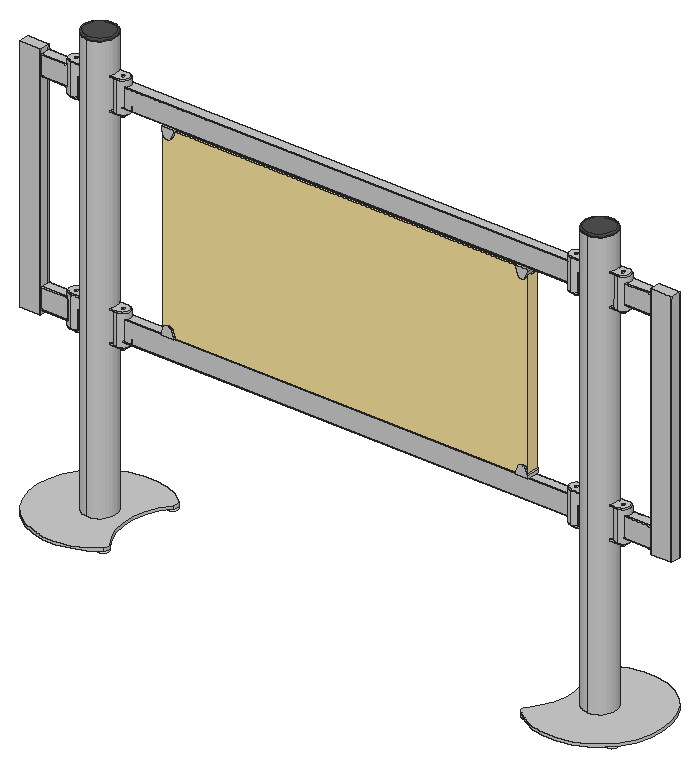
Revit family "PQR-441-PNL", category Furniture, Revit 2021
Family settings
  OmniClass Number = 23.40.20.00
  OmniClass Title = General Furniture and Specialties
  Work Plane-Based = No
  Always vertical = Yes
  Cut with Voids When Loaded = No
  Shared = No
  Room Calculation Point = No
Parameters
  W = 4' - 0"
  Frame [instance] = CEN_Frame_Metallic Silver Powdercoat (MS)
  Panel [instance] = Render Material 255-223-127
  Model = "PQR-441-PNL"
  End pieces on/off R [instance] = yes
  End pieces on/off L [instance] = yes
  Default Elevation = 0' - 0"
Reference planes (in)
  plane 1 "Center Front/Back": y = 0
  plane 2: z = 0
  plane 3 "Center Left/Right": x = 0
  plane 4: x = -24
  plane 5: x = 24
  plane 6: x = -17.5
  plane 7: x = 17.5
  plane 8: x = -21.5
  plane 9: x = 21.5
Forms (in)
  Extrusion 1, solid, material "CEN_Frame_Metallic Silver Powdercoat (MS)" <- "Frame"
    sketch origin (-23.29168, 0.50272, 36.0271) x (0, -1, 0) y (0, 0, 1)
      loop
        line (1, 0) -> (1, 1.78554)
        arc (1, 1.78554) -> (0.98091, 1.83163) -> (0.93482, 1.85072) r 0.06518
        line (0.93482, 1.85072) -> (0.06518, 1.85072)
        arc (0.06518, 1.85072) -> (0.01909, 1.83163) -> (0, 1.78554) r 0.06518
        line (0, 1.78554) -> (0, 0)
        arc (0, 0) -> (0.01909, -0.04609) -> (0.06518, -0.06518) r 0.06518
        line (0.06518, -0.06518) -> (0.93482, -0.06518)
        arc (0.93482, -0.06518) -> (0.98091, -0.04609) -> (1, 0) r 0.06518
      loop
        line (1, -20.08373) -> (1, -18.21446)
        arc (1, -18.21446) -> (0.98091, -18.16837) -> (0.93482, -18.14928) r 0.06518
        line (0.93482, -18.14928) -> (0.06518, -18.14928)
        arc (0.06518, -18.14928) -> (0.01909, -18.16837) -> (0, -18.21446) r 0.06518
        line (0, -18.21446) -> (0, -20.08373)
        arc (0, -20.08373) -> (0.01909, -20.12982) -> (0.06518, -20.14891) r 0.06518
        line (0.06518, -20.14891) -> (0.93482, -20.14891)
        arc (0.93482, -20.14891) -> (0.98091, -20.12982) -> (1, -20.08373) r 0.06518
    from -1.79168 to -44.79168
  Extrusion 2, solid, material "Render Material 255-223-127" <- "Panel"
    sketch origin (0, 0, 0) x (0, 1, 0) y (0, 0, 1)
      loop
        line (0.5, 17.96904) -> (0.5, 35.78154) -> (0.4375, 35.78154) -> (-0.4375, 35.78154) -> (-0.5, 35.78154) -> (-0.5, 17.96904) -> (-0.4375, 17.96904) -> (0.4375, 17.96904) -> (0.5, 17.96904)
    from -17.5 to 17.5
  Extrusion 3, solid, material "CEN_Frame_Metallic Silver Powdercoat (MS)" <- "Frame"
    sketch origin (0, 0, 0) x (1, 0, 0) y (0, 0, 1)
      loop
        line (-16.4145, 35.87529) -> (-17.5855, 35.87529) -> (-17.5855, 35.65654) -> (-17.41169, 35.17323)
        arc (-17.41169, 35.17323) -> (-17, 34.88379) -> (-16.58831, 35.17323) r 0.4375
        line (-16.58831, 35.17323) -> (-16.4145, 35.65654) -> (-16.4145, 35.87529)
    from -0.61497 to 0.61159
  Extrusion 4, solid, material "CEN_Frame_Metallic Silver Powdercoat (MS)" <- "Frame"
    sketch origin (0, 0, 0) x (-1, 0, 0) y (0, 0, -1)
      loop
        line (-16.4145, -35.87529) -> (-16.4145, -35.65654) -> (-16.58831, -35.17323)
        arc (-16.58831, -35.17323) -> (-17, -34.88379) -> (-17.41169, -35.17323) r 0.4375
        line (-17.41169, -35.17323) -> (-17.5855, -35.65654) -> (-17.5855, -35.87529) -> (-16.4145, -35.87529)
    from -0.61497 to 0.61159
  Extrusion 5, solid, material "CEN_Frame_Metallic Silver Powdercoat (MS)" <- "Frame"
    sketch origin (0, 0, 53.75058) x (1, 0, 0) y (0, 0, 1)
      loop
        line (-16.4145, -35.87529) -> (-16.4145, -35.65654) -> (-16.58831, -35.17323)
        arc (-16.58831, -35.17323) -> (-17, -34.88379) -> (-17.41169, -35.17323) r 0.4375
        line (-17.41169, -35.17323) -> (-17.5855, -35.65654) -> (-17.5855, -35.87529) -> (-16.4145, -35.87529)
    from -0.61497 to 0.61159
  Extrusion 6, solid, material "CEN_Frame_Metallic Silver Powdercoat (MS)" <- "Frame"
    sketch origin (0, 0, 53.75058) x (-1, 0, 0) y (0, 0, -1)
      loop
        line (-16.4145, 35.87529) -> (-17.5855, 35.87529) -> (-17.5855, 35.65654) -> (-17.41169, 35.17323)
        arc (-17.41169, 35.17323) -> (-17, 34.88379) -> (-16.58831, 35.17323) r 0.4375
        line (-16.58831, 35.17323) -> (-16.4145, 35.65654) -> (-16.4145, 35.87529)
    from -0.61497 to 0.61159
Dimensions and locks (in)
  equal spacing: plane 4, plane 3 "Center Left/Right", plane 5
  "W": plane 4 to plane 5
  locked: plane 7 to plane 5 at 6.5
  locked: plane 6 to plane 4 at 6.5
  locked: plane 4 to plane 8 at 2.5
  locked: plane 5 to plane 9 at 2.5
  aligned and locked: level to plane 2
  aligned and locked: plane 4 to nested 1
  aligned and locked: nested 2 to plane 5
  aligned and locked: Extrusion 2 to plane 6
  aligned and locked: Extrusion 2 to plane 7
  aligned and locked: plane 9 to Extrusion 1
  aligned and locked: Extrusion 1 to plane 8
Automatic sketch dimensions
  Extrusion 1 sketch curve to Extrusion 1 sketch curve = 0' - 0.06518"  (x6)
  plane 1 "Center Front/Back" to Extrusion 2 sketch curve = 0' - 0 1/2"
  Extrusion 2 sketch curve to Extrusion 2 sketch curve = 0' - 0 1/16"  (x3)
  Extrusion 2 sketch curve to plane 1 "Center Front/Back" = 0' - 0 7/16"  (x2)
  level to Extrusion 2 sketch curve = 1' - 5.96904"
  Extrusion 2 sketch curve to Extrusion 2 sketch curve = 1' - 5 13/16"
  Extrusion 1 sketch curve to plane 1 "Center Front/Back" = 0' - 0.50272"  (x2)
  plane 1 "Center Front/Back" to Extrusion 1 sketch curve = 0' - 0.43209"  (x4)
  level to Extrusion 1 sketch curve = 1' - 3.87818"
  Extrusion 1 sketch curve to Extrusion 1 sketch curve = 0' - 1.86927"
  Extrusion 1 sketch curve to Extrusion 1 sketch curve = 1' - 6.08409"
  Extrusion 1 sketch curve to Extrusion 1 sketch curve = 0' - 1.78554"
  Extrusion 3 sketch curve to plane 6 = 0' - 0.0855"
  plane 6 to Extrusion 3 sketch curve = 0' - 0.08831"
  Extrusion 3 sketch curve to Extrusion 3 sketch curve = 0' - 0.41169"  (x2)
  Extrusion 3 sketch curve to Extrusion 3 sketch curve = 0' - 0.17381"
  level to Extrusion 3 sketch curve = 2' - 11.17323"
  Extrusion 3 sketch curve to Extrusion 3 sketch curve = 0' - 0.14806"
  Extrusion 3 sketch curve to Extrusion 3 sketch curve = 0' - 0.48331"  (x2)
  Extrusion 3 sketch curve to Extrusion 3 sketch curve = 0' - 0 7/32"
  Extrusion 4 sketch curve to plane 7 = 0' - 0.0855"
  plane 7 to Extrusion 4 sketch curve = 0' - 0.08831"
  Extrusion 4 sketch curve to Extrusion 4 sketch curve = 0' - 0.41169"  (x2)
  Extrusion 4 sketch curve to Extrusion 4 sketch curve = 0' - 0.17381"
  level to Extrusion 4 sketch curve = 2' - 11.87529"
  Extrusion 4 sketch curve to Extrusion 4 sketch curve = 0' - 0 7/32"  (x2)
  Extrusion 4 sketch curve to Extrusion 4 sketch curve = 0' - 0.33525"
  Extrusion 4 sketch curve to Extrusion 4 sketch curve = 0' - 0.14806"
  Extrusion 5 sketch curve to plane 6 = 0' - 0.0855"
  plane 6 to Extrusion 5 sketch curve = 0' - 0.08831"
  Extrusion 5 sketch curve to Extrusion 5 sketch curve = 0' - 0.41169"  (x2)
  Extrusion 5 sketch curve to Extrusion 5 sketch curve = 0' - 0.17381"
  level to Extrusion 5 sketch curve = 1' - 5.87529"
  Extrusion 5 sketch curve to Extrusion 5 sketch curve = 0' - 0 7/32"  (x2)
  Extrusion 5 sketch curve to Extrusion 5 sketch curve = 0' - 0.33525"
  Extrusion 5 sketch curve to Extrusion 5 sketch curve = 0' - 0.14806"
  Extrusion 6 sketch curve to plane 7 = 0' - 0.0855"
  plane 7 to Extrusion 6 sketch curve = 0' - 0.08831"
  Extrusion 6 sketch curve to Extrusion 6 sketch curve = 0' - 0.41169"  (x2)
  Extrusion 6 sketch curve to Extrusion 6 sketch curve = 0' - 0.17381"
  level to Extrusion 6 sketch curve = 1' - 6.57735"
  Extrusion 6 sketch curve to Extrusion 6 sketch curve = 0' - 0.14806"
  Extrusion 6 sketch curve to Extrusion 6 sketch curve = 0' - 0.48331"  (x2)
  Extrusion 6 sketch curve to Extrusion 6 sketch curve = 0' - 0 7/32"
Nested families (in)
  nested 1: "PQR-341-post " at (-24, 0, 0) x (0, 1, 0) z (0, 0, 1), END KIT <- "End pieces on/off L", type "PQR-341-post "
  nested 2: "PQR-341-post " at (24, 0, 0) x (0, 1, 0) z (0, 0, 1), END KIT <- "End pieces on/off R", type "PQR-341-post "
Definition of nested family "PQR-341-post "
  Parameters (values of type "PQR-341-post ")
    plastic button = none
    Post = none
    END KIT [instance] = no
    Default Elevation = 0' - 0"
  Types (2): name
    PQR-341-post
    NOT END KIT
  Reference planes (in)
    plane 1 "Center Front/Back": y = 0
    plane 2: z = 0
    plane 3 "Center Left/Right": x = 0
    plane 4: z = 41.62154
    plane 5: z = 41.43404
    plane 6: z = 38.43918
    plane 7: z = 35.46343
    plane 8: z = 38.31958
    plane 9: z = 35.34626
    plane 10: z = 35.0779
    plane 11: z = 34.93741
    plane 12: z = 18.43657
    plane 13: z = 18.31697
    plane 14: z = 38.28685
    plane 15: z = 15.46357
    plane 16: z = 37.79482
    plane 17: z = 17.87782
    plane 18: z = 15.87818
  Forms (in)
    Extrusion 1, solid, material <- "Post"
      sketch origin (-0.02853, -0.08679, 0) x (1, 0, 0) y (0, 1, 0)
        loop
          arc (-3.79412, 4.14027) -> (-4.14981, 4.24664) -> (-4.48079, 4.07846) r 0.5
          arc (-4.48079, 4.07846) -> (0.03357, -5.88186) -> (4.53637, 4.0837) r 6.00161
          arc (4.53637, 4.0837) -> (4.20519, 4.25149) -> (3.84963, 4.14471) r 0.5
          arc (3.84963, 4.14471) -> (0.02853, 2.80874) -> (-3.79412, 4.14027) r 6.14269
      from 0.18657 to 0.43657
    Extrusion 2, solid, material <- "plastic button"
      sketch origin (0, 0, 0) x (1, 0, 0) y (0, 1, 0)
        loop
          circle (0, 0) r 1.5
      from 41.43404 to 41.62154
    Extrusion 3, solid, material <- "Post", visible <- "END KIT"
      sketch origin (0, 0, 0) x (1, 0, 0) y (0, 1, 0)
        loop
          circle (0.00169, -2.23449) r 0.6875
      from 35.46343 to 38.31958
    Extrusion 4, solid, material <- "Post"
      sketch origin (0, 0, 0) x (1, 0, 0) y (0, 1, 0)
        loop
          circle (0.00169, 2.23449) r 0.11265
        loop
          circle (0.00169, -2.23449) r 0.11265
        loop
          line (0.61497, -2.23449) -> (0.61497, 2.23449)
          arc (0.61497, 2.23449) -> (0.00169, 2.84777) -> (-0.61159, 2.23449) r 0.61328
          line (-0.61159, 2.23449) -> (-0.61159, -2.23449)
          arc (-0.61159, -2.23449) -> (0.00169, -2.84777) -> (0.61497, -2.23449) r 0.61328
      from 38.31958 to 38.43918
    Extrusion 5, solid, material <- "Post"
      sketch origin (0, 0, 0) x (1, 0, 0) y (0, 1, 0)
        loop
          circle (0.00169, 2.23449) r 0.11265
        loop
          circle (0.00169, -2.23449) r 0.11265
        loop
          line (0.61497, -2.23449) -> (0.61497, 2.23449)
          arc (0.61497, 2.23449) -> (0.00169, 2.84777) -> (-0.61159, 2.23449) r 0.61328
          line (-0.61159, 2.23449) -> (-0.61159, -2.23449)
          arc (-0.61159, -2.23449) -> (0.00169, -2.84777) -> (0.61497, -2.23449) r 0.61328
      from 35.34626 to 35.46343
    Extrusion 6, solid, material <- "Post"
      sketch origin (0, 0, 0) x (1, 0, 0) y (0, 1, 0)
        loop
          line (0.06349, 1.95369) -> (0.27562, 2.14947) -> (0.21213, 2.43108) -> (-0.06349, 2.5169) -> (-0.27562, 2.32111) -> (-0.21213, 2.0395) -> (0.06349, 1.95369)
        loop
          circle (0.00169, 2.23449) r 0.11265
      from 35.0779 to 35.34626
    Extrusion 7, solid, material <- "Post", visible <- "END KIT"
      sketch origin (0, 0, 0) x (1, 0, 0) y (0, 1, 0)
        loop
          circle (0.00169, -2.23449) r 0.11265
      from 34.93741 to 38.43918
    Sweep 8, void
      path in 3D
        loop
          arc (1.5, 0, 41.62154) -> (0, -1.5, 41.62154) -> (-1.5, 0, 41.62154) r 1.5
          arc (-1.5, 0, 41.62154) -> (0, 1.5, 41.62154) -> (1.5, 0, 41.62154) r 1.5
      profile origin (0, 1.5, 41.62154) x (0, 1, 0) y (0, 0, 1)
        loop
          line (0, -0.12486) -> (0.05983, -0.12486) -> (0.05983, 0) -> (-0.12486, 0)
          arc (-0.12486, 0) -> (-0.03657, -0.03657) -> (0, -0.12486) r 0.12486
    Extrusion 9, solid, material <- "Post"
      sketch origin (0, 0, 0) x (1, 0, 0) y (0, 1, 0)
        loop
          circle (0.00169, 2.23449) r 0.11265
      from 34.93741 to 38.43918
    Extrusion 10, solid, material <- "Post"
      sketch origin (0, 0, -20) x (1, 0, 0) y (0, 1, 0)
        loop
          circle (0.00169, 2.23449) r 0.11265
        loop
          circle (0.00169, -2.23449) r 0.11265
        loop
          line (0.61497, -2.23449) -> (0.61497, 2.23449)
          arc (0.61497, 2.23449) -> (0.00169, 2.84777) -> (-0.61159, 2.23449) r 0.61328
          line (-0.61159, 2.23449) -> (-0.61159, -2.23449)
          arc (-0.61159, -2.23449) -> (0.00169, -2.84777) -> (0.61497, -2.23449) r 0.61328
      from 38.31697 to 38.43657
    Extrusion 11, solid, material <- "Post"
      sketch origin (0, 0, -20) x (1, 0, 0) y (0, 1, 0)
        loop
          circle (0.00169, 2.23449) r 0.11265
        loop
          circle (0.00169, -2.23449) r 0.11265
        loop
          line (0.61497, -2.23449) -> (0.61497, 2.23449)
          arc (0.61497, 2.23449) -> (0.00169, 2.84777) -> (-0.61159, 2.23449) r 0.61328
          line (-0.61159, 2.23449) -> (-0.61159, -2.23449)
          arc (-0.61159, -2.23449) -> (0.00169, -2.84777) -> (0.61497, -2.23449) r 0.61328
      from 35.34365 to 35.46082
    Extrusion 12, solid, material <- "Post", visible <- "END KIT"
      sketch origin (0, 0, -20) x (1, 0, 0) y (0, 1, 0)
        loop
          circle (0.00169, -2.23449) r 0.11265
      from 34.9348 to 38.43657
    Extrusion 13, solid, material <- "Post"
      sketch origin (0, 0, -20) x (1, 0, 0) y (0, 1, 0)
        loop
          circle (0.00169, 2.23449) r 0.11265
      from 34.9348 to 38.43657
    Extrusion 14, solid
      sketch origin (-0.02853, -0.08679, 0) x (1, 0, 0) y (0, 1, 0)
        loop
          circle (-4.10805, 3.76384) r 0.48854
        loop
          circle (4.16511, 3.76384) r 0.48854
        loop
          circle (-3.62282, -3.98401) r 0.48854
        loop
          circle (3.67988, -3.98401) r 0.48854
      from 0 to 0.18657
    Extrusion 15, solid, material <- "Post"
      sketch origin (0, 0, 0) x (1, 0, 0) y (0, 1, 0)
        loop
          circle (0, 0) r 1.5
      from 0.43657 to 41.43404
    Extrusion 16, solid, material <- "Post", visible <- "END KIT"
      sketch origin (0, 0, 0) x (1, 0, 0) y (0, 1, 0)
        loop
          line (0.44955, -5.29168) -> (-0.44411, -5.29168)
          arc (-0.44411, -5.29168) -> (-0.4817, -5.30725) -> (-0.49728, -5.34485) r 0.05317
          line (-0.49728, -5.34485) -> (-0.49728, -7.23851)
          arc (-0.49728, -7.23851) -> (-0.4817, -7.27611) -> (-0.44411, -7.29168) r 0.05317
          line (-0.44411, -7.29168) -> (0.44955, -7.29168)
          arc (0.44955, -7.29168) -> (0.48715, -7.27611) -> (0.50272, -7.23851) r 0.05317
          line (0.50272, -7.23851) -> (0.50272, -5.34485)
          arc (0.50272, -5.34485) -> (0.48715, -5.30725) -> (0.44955, -5.29168) r 0.05317
      from 15.46357 to 38.28685
    Extrusion 17, solid, material <- "Post", visible <- "END KIT"
      sketch origin (0, 0, 0) x (1, 0, 0) y (0, 0, 1)
        loop
          line (-0.43209, 35.96191) -> (0.43754, 35.96191)
          arc (0.43754, 35.96191) -> (0.48363, 35.981) -> (0.50272, 36.0271) r 0.06518
          line (0.50272, 36.0271) -> (0.50272, 37.81264)
          arc (0.50272, 37.81264) -> (0.48363, 37.85873) -> (0.43754, 37.87782) r 0.06518
          line (0.43754, 37.87782) -> (-0.43209, 37.87782)
          arc (-0.43209, 37.87782) -> (-0.47818, 37.85873) -> (-0.49728, 37.81264) r 0.06518
          line (-0.49728, 37.81264) -> (-0.49728, 36.0271)
          arc (-0.49728, 36.0271) -> (-0.47818, 35.981) -> (-0.43209, 35.96191) r 0.06518
        loop
          line (-0.43209, 15.87818) -> (0.43754, 15.87818)
          arc (0.43754, 15.87818) -> (0.48363, 15.89727) -> (0.50272, 15.94336) r 0.06518
          line (0.50272, 15.94336) -> (0.50272, 17.81264)
          arc (0.50272, 17.81264) -> (0.48363, 17.85873) -> (0.43754, 17.87782) r 0.06518
          line (0.43754, 17.87782) -> (-0.43209, 17.87782)
          arc (-0.43209, 17.87782) -> (-0.47818, 17.85873) -> (-0.49728, 17.81264) r 0.06518
          line (-0.49728, 17.81264) -> (-0.49728, 15.94336)
          arc (-0.49728, 15.94336) -> (-0.47818, 15.89727) -> (-0.43209, 15.87818) r 0.06518
      from 2.63684 to 5.29168
    Extrusion 18, solid, material <- "Post"
      sketch origin (0, 0, 0) x (1, 0, 0) y (0, 1, 0)
        loop
          circle (0.00169, 2.23449) r 0.6875
      from 35.46343 to 38.31958
    Extrusion 19, solid, material <- "Post"
      sketch origin (0, 0, -20) x (1, 0, 0) y (0, 1, 0)
        loop
          circle (0.00169, 2.23449) r 0.6875
      from 35.46082 to 38.31697
    Extrusion 20, solid, material <- "Post", visible <- "END KIT"
      sketch origin (0, 0, -20) x (1, 0, 0) y (0, 1, 0)
        loop
          circle (0.00169, -2.23449) r 0.6875
      from 35.46082 to 38.31697
    Extrusion 21, solid, material <- "Post", visible <- "END KIT"
      sketch origin (0, 0, 0) x (1, 0, 0) y (0, 1, 0)
        loop
          line (0.06349, -1.95369) -> (-0.21213, -2.0395) -> (-0.27562, -2.32111) -> (-0.06349, -2.5169) -> (0.21213, -2.43108) -> (0.27562, -2.14947) -> (0.06349, -1.95369)
        loop
          circle (0.00169, -2.23449) r 0.11265
      from 35.0779 to 35.34626
    Extrusion 22, solid, material <- "Post"
      sketch origin (0, 0, -20.00261) x (1, 0, 0) y (0, 1, 0)
        loop
          line (0.06349, 1.95369) -> (0.27562, 2.14947) -> (0.21213, 2.43108) -> (-0.06349, 2.5169) -> (-0.27562, 2.32111) -> (-0.21213, 2.0395) -> (0.06349, 1.95369)
        loop
          circle (0.00169, 2.23449) r 0.11265
      from 35.0779 to 35.34626
    Extrusion 23, solid, material <- "Post", visible <- "END KIT"
      sketch origin (0, 0, -20.00261) x (1, 0, 0) y (0, 1, 0)
        loop
          line (0.06349, -1.95369) -> (-0.21213, -2.0395) -> (-0.27562, -2.32111) -> (-0.06349, -2.5169) -> (0.21213, -2.43108) -> (0.27562, -2.14947) -> (0.06349, -1.95369)
        loop
          circle (0.00169, -2.23449) r 0.11265
      from 35.0779 to 35.34626
  Cuts and joins
    Sweep 8 cuts Extrusion 2
    joined: Extrusion 3, Extrusion 17
  Lines and regions (in)
    sketch lines
      curve 1: arc (-1.5, 0, 41.62154) -> (0, 1.5, 41.62154) -> (1.5, 0, 41.62154) r 1.5
      curve 2: arc (1.5, 0, 41.62154) -> (0, -1.5, 41.62154) -> (-1.5, 0, 41.62154) r 1.5
  Dimensions and locks (in)
    plane 4 to level = 3' - 5.62154"
    locked: plane 4 to plane 5 at 0.1875
    plane 11 to plane 10 to plane 9 to plane 7 to plane 8 to plane 6 = 0' - 0.14049" locked, 0' - 0.26836" locked, 0' - 0 15/128" locked, 0' - 2.85615" locked, 0' - 0.1196" locked
    locked: plane 7 to plane 4 at 6.15811
    locked: plane 14 to plane 15 at 22.82328
    locked: plane 14 to plane 6 at 0.15234
    aligned and locked: level to plane 2
    aligned and locked: plane 4 to Extrusion 2
    aligned and locked: Extrusion 14 to level
    aligned and locked: plane 5 to cut or joined group of Extrusion 2, Sweep 8
    aligned and locked: Extrusion 15 to plane 5
    aligned and locked: plane 5 to Extrusion 15
    aligned and locked: plane 6 to Extrusion 4
    aligned and locked: plane 7 to Extrusion 3  (x2)
    aligned and locked: plane 8 to Extrusion 3
    aligned and locked: plane 11 to Extrusion 7  (x2)
    aligned and locked: plane 11 to Extrusion 9
    aligned and locked: plane 10 to Extrusion 6
    aligned and locked: Extrusion 6 to plane 10
    aligned and locked: plane 9 to Extrusion 5
    aligned and locked: Extrusion 6 to plane 9
    aligned and locked: Extrusion 5 to plane 9  (x2)
    aligned and locked: Extrusion 5 to plane 7
    aligned and locked: plane 7 to Extrusion 5
    aligned and locked: plane 8 to Extrusion 4
    aligned and locked: Extrusion 4 to Extrusion 9
    aligned and locked: Extrusion 7 to plane 6
    aligned and locked: plane 12 to Extrusion 10
    aligned and locked: plane 14 to Extrusion 16
    aligned and locked: plane 15 to Extrusion 16
